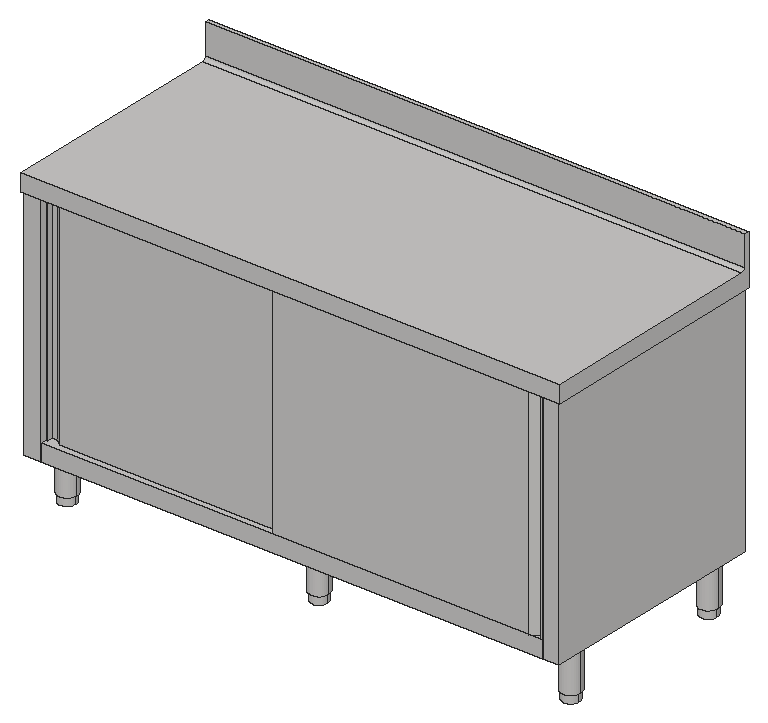
Revit family "QF_ELECTROLUXPROFESSIONAL_133082_TN1610EN", category Attrezzature speciali, Revit 2020
Family settings
  Quota connettore circolare = Usa diametro
  Tipo di parte = Normale
  Basato su piano di lavoro = No
  Sempre verticale = Sì
  Taglio con vuoti quando caricato = No
  Condiviso = No
  Punto di calcolo locali = No
Parameters (values of type "Standard")
  Weight = 65.00 kg
  Watts = 0 W
  Volts = 0 V
  URL Manufacturer = "https://www.electroluxprofessional.com/"
  URL = "https://www.electroluxprofessional.com/"
  Steam Supply Size = 0 mm
  Steam Supply Minimum Pressure = 0.0 Pa
  Steam Supply Maximum Pressure = 0.0 Pa
  Steam Consumption per Hour = 0
  Refrigeration Suction Line Size = 0.0 mm
  Refrigeration Liquid Line Size = 0.0 mm
  Refrigerant Compressor Remote = yes
  Prospetto di default = 0.0 mm
  Produttore = "Electrolux Professional"
  Phase = 0
  Modello = "TN1610EN"
  Length Actual = 1600.0 mm  # constant formula
  Item Number = "133082"
  Hot Water Size = 0 mm
  Height Actual = 1000.0 mm  # constant formula
  HP = "0 HP"
  Gas Size = 0 mm
  Gas KW = 0
  Gas Input Pressure = 0 W
  Direct Waste Size = 0 mm
  Descrizione = "WORKTOP CUPBOARD WITH UPSTAND 1600 MM"
  Depth Actual = 700.0 mm  # constant formula
  Cycle = 0 Hz
  Condensate Return Size = 0 mm
  Compressed Air Volume = 0.0 L/s
  Compressed Air Size = 0 mm
  Compressed Air Pressure = 0.0 Pa
  Cold Water Size = 0 mm
  Accessory = yes
Reference planes
  plane 1 "Center (Front/Back)": y = 0
  plane 2: z = 0
  plane 3 "Center (Left/Right)": x = -300
  plane 4 "LEFT": x = -1100
  plane 5 "RIGHT": x = 500
  plane 6 "BACK": y = 350
  plane 7 "FRONT": y = -350
  plane 8 "Base": z = 850
  plane 9 "TOP": z = 900
  plane 10: x = -1046.9
  plane 11: x = 446.9
  plane 12: y = 270
  plane 13: y = -241.9
  plane 14 "BodyLeft": x = -1094.5
  plane 15 "BodyFront": y = -344.5
  plane 16 "BodyRight": x = 494.5
  plane 17 "BodyBack": y = 344.5
  plane 18 "FEET": z = 150
  plane 19: x = -244.5
  plane 20: x = -355.5
Forms (mm)
  Extrusion 1, solid, material "QF_Finishes_Stainless Steel"
    sketch origin (-300, 0, 0) x (0, 1, 0) y (0, 0, 1)
      loop
        line (-350, 850) -> (350, 850) -> (350, 1000) -> (337, 1000) -> (337, 910)
        arc (337, 910) -> (334.071, 902.929) -> (327, 900) r 10
        line (327, 900) -> (-350, 900) -> (-350, 850)
    from 800 to -800
  Extrusion 2, solid, material "QF_Finishes_Stainless Steel"
    sketch origin (0, 0, 150) x (-1, 0, 0) y (0, -1, 0)
      loop
        line (1094.5, -344.5) -> (1094.5, 344.5) -> (1044.5, 344.5) -> (1044.5, -344.5) -> (1094.5, -344.5)
      loop
        line (-444.5, -344.5) -> (-444.5, 344.5) -> (-494.5, 344.5) -> (-494.5, -344.5) -> (-444.5, -344.5)
    from 0 to 700
  Extrusion 3, solid, material "QF_Finishes_Stainless Steel"
    sketch origin (0, 0, 150) x (-1, 0, 0) y (0, -1, 0)
      loop
        line (1043.585, -344.5) -> (1043.585, 344.5) -> (-444.5, 344.5) -> (-444.5, -344.5) -> (1043.585, -344.5)
    from 0 to 50
  Extrusion 4, solid, material "QF_Finishes_Stainless Steel"
    sketch origin (0, 0, 150) x (-1, 0, 0) y (0, -1, 0)
      loop
        line (1043.585, -344.5) -> (1043.585, -294.5) -> (-444.5, -294.5) -> (-444.5, -344.5) -> (1043.585, -344.5)
    from 50 to 700
  Extrusion 5, solid, material "QF_Finishes_Stainless Steel"
    sketch origin (0, 0, 150) x (-1, 0, 0) y (0, -1, 0)
      loop
        line (-444.5, 344.5) -> (-444.5, 324.5) -> (355.5, 324.5) -> (355.5, 344.5) -> (-404.5, 344.5) -> (-424.5, 329.5) -> (-439.5, 329.5) -> (-439.5, 344.5) -> (-444.5, 344.5)
    from 50 to 700
  Extrusion 6, solid, material "QF_Finishes_Stainless Steel"
    sketch origin (0, 20, 150) x (1, 0, 0) y (0, 1, 0)
      loop
        line (-1044.5, -344.5) -> (-1039.5, -344.5) -> (-1039.5, -329.5) -> (-1024.5, -329.5) -> (-1004.5, -344.5) -> (-244.5, -344.5) -> (-244.5, -324.5) -> (-1044.5, -324.5) -> (-1044.5, -344.5)
    from 50 to 700
Lines and regions (mm)
  symbolic lines
    curve 1: line (500, 350, 900) -> (-1100, 350, 900)
    curve 2: line (-1100, 350, 900) -> (-1100, -350, 900)
    curve 3: line (-1100, -350, 900) -> (500, -350, 900)
    curve 4: line (500, -350, 900) -> (500, 350, 900)
    curve 5: line (-1100, 337, 900) -> (500, 337, 900)
  symbolic lines, style "SpecialityEquipmentHiddenLines"
    curve 6: line (-1094.5, -344.5, 150) -> (-1094.5, 344.5, 150)
    curve 7: line (-1094.5, 344.5, 150) -> (494.5, 344.5, 150)
    curve 8: line (494.5, 344.5, 150) -> (494.5, -344.5, 150)
    curve 9: line (494.5, -344.5, 150) -> (-1094.5, -344.5, 150)
    curve 10: line (-1044.5, -304.5, 150) -> (-244.5, -304.5, 150)
    curve 11: line (-244.5, -304.5, 150) -> (-244.5, -324.5, 150)
    curve 12: line (444.5, -324.5, 150) -> (-1044.5, -324.5, 150)
    curve 13: line (-1044.5, -324.5, 150) -> (-1044.5, -304.5, 150)
    curve 14: line (-355.5, -344.5, 150) -> (-355.5, -324.5, 150)
Dimensions and locks
  plane 4 "LEFT" to plane 5 "RIGHT" = 1600.0 mm
  equal spacing: plane 4 "LEFT", plane 3 "Center (Left/Right)", plane 5 "RIGHT"
  locked: plane 8 "Base" to level at 850
  locked: Extrusion 1 to level at 1000
  plane 9 "TOP" to level = 900.0 mm
  plane 6 "BACK" to plane 7 "FRONT" = 700.0 mm
  equal spacing: plane 6 "BACK", plane 1 "Center (Front/Back)", plane 7 "FRONT"
  locked: plane 4 "LEFT" to plane 14 "BodyLeft" at 5.5
  locked: plane 16 "BodyRight" to plane 5 "RIGHT" at 5.5
  locked: plane 15 "BodyFront" to plane 7 "FRONT" at 5.5
  locked: plane 6 "BACK" to plane 17 "BodyBack" at 5.5
  locked: plane 14 "BodyLeft" to plane 10 at 47.6
  locked: plane 11 to plane 16 "BodyRight" at 47.6
  locked: plane 13 to plane 15 "BodyFront" at 102.6
  locked: plane 17 "BodyBack" to plane 12 at 74.5
  plane 10 to plane 11 = 1493.8 mm
  plane 12 to plane 13 = 511.9 mm
  locked: plane 14 "BodyLeft" to Extrusion 2 sketch curve at 50
  locked: Extrusion 2 sketch curve to Extrusion 2 sketch curve at 50
  Extrusion 3 to Extrusion 4 sketch curve = 50.0 mm
  Extrusion 2 to plane 19 = 800.0 mm
  plane 20 to Extrusion 2 = 800.0 mm
  locked: plane 18 "FEET" to level at 150
  aligned and locked: level to plane 2
  aligned and locked: plane 10 to nested 1
  aligned and locked: nested 1 to plane 13
  aligned and locked: plane 11 to nested 2
  aligned and locked: nested 2 to plane 13
  aligned and locked: plane 11 to nested 4
  aligned and locked: nested 4 to plane 12
  aligned and locked: plane 10 to nested 3
  aligned and locked: nested 3 to plane 12
  aligned and locked: Extrusion 1 to plane 4 "LEFT"
  aligned and locked: plane 5 "RIGHT" to Extrusion 1
  aligned and locked: curve 2 to plane 4 "LEFT"
  aligned and locked: plane 17 "BodyBack" to Extrusion 2 sketch curve
  aligned and locked: Extrusion 2 sketch curve to plane 15 "BodyFront"
  aligned and locked: Extrusion 2 sketch curve to plane 14 "BodyLeft"
  aligned and locked: plane 16 "BodyRight" to Extrusion 2 sketch curve
  aligned and locked: Extrusion 2 sketch curve to plane 17 "BodyBack"
  aligned and locked: plane 15 "BodyFront" to Extrusion 2 sketch curve
  aligned and locked: Extrusion 3 sketch curve to plane 17 "BodyBack"
  aligned and locked: plane 15 "BodyFront" to Extrusion 3 sketch curve
  aligned and locked: plane 8 "Base" to Extrusion 2
  aligned and locked: plane 8 "Base" to Extrusion 5
  aligned and locked: Extrusion 5 to Extrusion 3
  aligned and locked: Extrusion 6 sketch curve to plane 19
  aligned and locked: Extrusion 5 sketch curve to plane 20
  aligned and locked: curve 7 to plane 17 "BodyBack"
  aligned and locked: Extrusion 2 to plane 14 "BodyLeft"
  aligned and locked: plane 16 "BodyRight" to curve 8
  aligned and locked: plane 15 "BodyFront" to curve 9
  aligned and locked: plane 3 "Center (Left/Right)" to nested 5
  aligned and locked: plane 3 "Center (Left/Right)" to nested 6
Automatic sketch dimensions
  curve 3 to plane 7 "FRONT" = 0.0 mm
  curve 5 to plane 5 "RIGHT" = 0.0 mm
  curve 4 to plane 6 "BACK" = 0.0 mm
  curve 5 to plane 17 "BodyBack" = 7.5 mm
  Extrusion 1 sketch curve to plane 7 "FRONT" = 0.0 mm
  Extrusion 1 sketch curve to plane 9 "TOP" = 0.0 mm
  Extrusion 1 sketch curve to plane 6 "BACK" = 0.0 mm
  Extrusion 1 sketch curve to plane 8 "Base" = 0.0 mm
  Extrusion 1 sketch curve to plane 17 "BodyBack" = 17.5 mm
  Extrusion 1 sketch curve to plane 17 "BodyBack" = 7.5 mm
  Extrusion 1 sketch curve to Extrusion 1 sketch curve = 90.0 mm
  Extrusion 5 sketch curve to plane 15 "BodyFront" = 0.0 mm  (x2)
  Extrusion 5 sketch curve to plane 11 = 2.4 mm
  Extrusion 5 sketch curve to Extrusion 5 sketch curve = 5.0 mm
  Extrusion 5 sketch curve to Extrusion 5 sketch curve = 15.0 mm
  Extrusion 5 sketch curve to Extrusion 5 sketch curve = 20.0 mm
  plane 15 "BodyFront" to Extrusion 5 sketch curve = 15.0 mm
  plane 15 "BodyFront" to Extrusion 5 sketch curve = 20.0 mm
  Extrusion 6 sketch curve to plane 15 "BodyFront" = 20.0 mm  (x2)
  Extrusion 6 sketch curve to plane 10 = 2.4 mm
  Extrusion 6 sketch curve to Extrusion 6 sketch curve = 5.0 mm
  Extrusion 6 sketch curve to Extrusion 6 sketch curve = 15.0 mm
  Extrusion 6 sketch curve to Extrusion 6 sketch curve = 20.0 mm  (x2)
  Extrusion 6 sketch curve to plane 15 "BodyFront" = 35.0 mm
  Extrusion 3 sketch curve to plane 11 = 2.4 mm
  plane 10 to Extrusion 3 sketch curve = 3.315 mm
  Extrusion 4 sketch curve to plane 11 = 2.4 mm
  plane 10 to Extrusion 4 sketch curve = 3.315 mm
  curve 10 to plane 19 = 0.0 mm
  curve 14 to plane 20 = 0.0 mm
  curve 7 to plane 14 "BodyLeft" = 0.0 mm
  plane 10 to curve 13 = 2.4 mm
  curve 10 to curve 13 = 20.0 mm
  curve 12 to plane 11 = 2.4 mm
  plane 15 "BodyFront" to curve 14 = 20.0 mm
Nested families
  nested 1: "FEET_D58-150" at (-1046.9, -241.9, 0), type "FEET_D58-150"
  nested 2: "FEET_D58-150" at (446.9, -241.9, 0), type "FEET_D58-150"
  nested 3: "FEET_D58-150" at (-1046.9, 270, 0), type "FEET_D58-150"
  nested 4: "FEET_D58-150" at (446.9, 270, 0), type "FEET_D58-150"
  nested 5: "FEET_D58-150" at (-300, -241.9, 0), type "FEET_D58-150"
  nested 6: "FEET_D58-150" at (-300, 270, 0), type "FEET_D58-150"
Definition of nested family "FEET_D58-150"
  Parameters
    Default Elevation = 0.0 mm
    FEET = 150.0 mm
  Reference planes
    plane 1 "Center (Front/Back)": y = 0
    plane 2: z = 0
    plane 3 "Center (Left/Right)": x = 0
    plane 4: z = 150
  Forms (mm)
    Extrusion 1, solid
      sketch origin (0, 0, 0) x (1, 0, 0) y (0, 1, 0)
        loop
          circle (0, 0) r 25
      from 0 to 25
    Extrusion 2, solid
      sketch origin (0, 0, 0) x (1, 0, 0) y (0, 1, 0)
        loop
          circle (0.061, 0) r 29
      from 25 to 150 <- "FEET"
  Lines and regions (mm)
    symbolic lines
      curve 1: line (0, -1.503, 0) -> (0, 1.508, 0)
      curve 2: line (1.561, 0, 0) -> (-1.439, 0, 0)
  Dimensions and locks
    "FEET": plane 4 to plane 2
    aligned and locked: level to plane 2
  Automatic sketch dimensions
    plane 1 "Center (Front/Back)" to Extrusion 1 sketch curve = 0.0 mm
    Extrusion 1 sketch curve to plane 3 "Center (Left/Right)" = 0.0 mm
    plane 1 "Center (Front/Back)" to curve 2 = 0.0 mm
    curve 1 to plane 3 "Center (Left/Right)" = 0.0 mm
    curve 2 to plane 3 "Center (Left/Right)" = 1.439 mm
    plane 3 "Center (Left/Right)" to curve 2 = 1.561 mm
    plane 1 "Center (Front/Back)" to curve 1 = 1.503 mm
    curve 1 to plane 1 "Center (Front/Back)" = 1.508 mm
    plane 1 "Center (Front/Back)" to Extrusion 2 sketch curve = 0.0 mm
    plane 3 "Center (Left/Right)" to Extrusion 2 sketch curve = 0.061 mm
    radius of Extrusion 1 sketch curve = 25.0 mm
    radius of Extrusion 2 sketch curve = 29.0 mm
